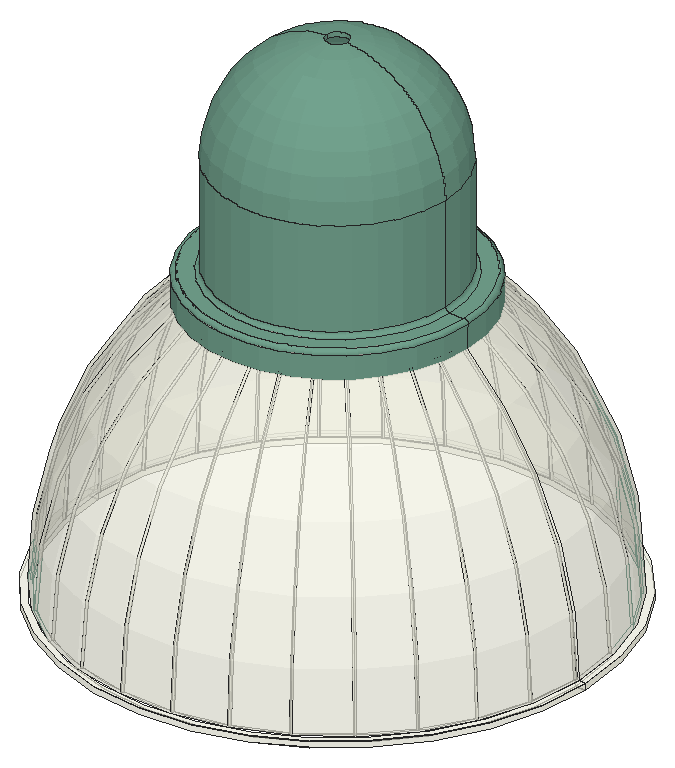
Revit family "PC12", category Lighting Fixtures, Revit 2024
Family settings
  Round Connector Dimension = Use Diameter
  Part Type = Normal
  OmniClass Number = 23.80.70.00
  OmniClass Title = Lighting
  Work Plane-Based = No
  Always vertical = Yes
  Cut with Voids When Loaded = No
  Light Source = No
  Maintain Annotation Orientation = No
  Shared = No
  Room Calculation Point = No
Parameters
  Default Elevation = 0' - 0"
Reference planes (in)
  plane 1 "Light Source Axis (F/B)": y = 0
  plane 2: z = 0
  plane 3 "Light Source Axis (L/R)": x = 0
  plane 4 "Light Source Elevation": z = 54
Forms (in)
  Sweep 1, solid, material "GLASS SHADE", not visible
    path origin (75.968, 0, 0.00093) x (1, 0, 0) y (0, 0, 1)
      loop
        arc (-4.5864, 68.3252) -> (-8.91952, 61.72019) -> (-10.59309, 54) r 21.63816
    profile origin (67.04848, 0, 61.72112) x (0.922209, 0, -0.386691) y (0, -1, 0)
      loop
        circle (0, 0) r 0.03125
  Revolve 2, solid, material "52"
    sketch origin (0, 0, 0) x (1, 0, 0) y (0, 0, 1)
      loop
        arc (2.60625, 63.39375) -> (1.92926, 65.14603) -> (0.25, 65.98798) r 2.60625
        line (0.25, 65.98798) -> (0.25, 65.89378)
        arc (0.25, 65.89378) -> (1.8629, 65.07965) -> (2.5125, 63.39375) r 2.5125
        line (2.5125, 63.39375) -> (2.5125, 61.1)
        arc (2.5125, 61.1) -> (2.56925, 60.963) -> (2.70625, 60.90625) r 0.19375
        line (2.70625, 60.90625) -> (3.0625, 60.90625) -> (3.0625, 60.375) -> (3.15625, 60.375) -> (3.15625, 60.9)
        arc (3.15625, 60.9) -> (3.12696, 60.97071) -> (3.05625, 61) r 0.1
        line (3.05625, 61) -> (2.70625, 61)
        arc (2.70625, 61) -> (2.63554, 61.02929) -> (2.60625, 61.1) r 0.1
        line (2.60625, 61.1) -> (2.60625, 63.39375)
      axis (0, 65.98798) -> (0, 60.375)
    angle from 0 to 360
  Revolve 3, solid, material "GLASS SHADE"
    sketch origin (0, 0, 0) x (1, 0, 0) y (0, 0, 1)
      loop
        arc (5.84487, 54.1486) -> (5.16036, 57.59695) -> (3.08741, 60.43642) r 8.15242
        line (3.08741, 60.43642) -> (3.02099, 60.37)
        arc (3.02099, 60.37) -> (5.07332, 57.56199) -> (5.75114, 54.1506) r 8.05867
        line (5.75114, 54.1506) -> (5.75114, 54) -> (5.99836, 54) -> (5.99836, 54.1486) -> (5.84487, 54.1486)
      axis (0, 60.43642) -> (0, 54)
    angle from 0 to 360
  Sweep 4, solid, material "GLASS SHADE"
    path origin (0, 0, 0) x (1, 0, 0) y (0, 0, 1)
      loop
        arc (-3.02099, 60.37) -> (-5.05646, 57.55459) -> (-5.75114, 54.1506) r 8.24267
    profile origin (-5.05646, 0, 57.55459) x (0.915661, 0, -0.401952) y (0, -1, 0)
      loop
        circle (0, 0) r 0.03125
  Sweep 5, solid, material "GLASS SHADE"
    path origin (0, 0, 0) x (0.978148, -0.207912, 0) y (0, 0, 1)
      loop
        arc (-3.02099, 60.37) -> (-5.05646, 57.55459) -> (-5.75114, 54.1506) r 8.24267
    profile origin (-4.94597, 1.0513, 57.55459) x (0.895651, -0.190377, -0.401952) y (-0.207912, -0.978148, 0)
      loop
        circle (0, 0) r 0.03125
  Sweep 6, solid, material "GLASS SHADE"
    path origin (0, 0, 0) x (0.978148, 0.207912, 0) y (0, 0, 1)
      loop
        arc (-3.02099, 60.37) -> (-5.05646, 57.55459) -> (-5.75114, 54.1506) r 8.24267
    profile origin (-4.94597, -1.0513, 57.55459) x (0.895651, 0.190377, -0.401952) y (0.207912, -0.978148, 0)
      loop
        circle (0, 0) r 0.03125
  Sweep 7, solid, material "GLASS SHADE"
    path origin (0, 0, 0) x (0.913545, 0.406737, 0) y (0, 0, 1)
      loop
        arc (-3.02099, 60.37) -> (-5.05646, 57.55459) -> (-5.75114, 54.1506) r 8.24267
    profile origin (-4.61931, -2.05665, 57.55459) x (0.836498, 0.372433, -0.401952) y (0.406737, -0.913545, 0)
      loop
        circle (0, 0) r 0.03125
  Sweep 8, solid, material "GLASS SHADE"
    path origin (0, 0, 0) x (0.809017, 0.587785, 0) y (0, 0, 1)
      loop
        arc (-3.02099, 60.37) -> (-5.05646, 57.55459) -> (-5.75114, 54.1506) r 8.24267
    profile origin (-4.09077, -2.97212, 57.55459) x (0.740785, 0.538212, -0.401952) y (0.587785, -0.809017, 0)
      loop
        circle (0, 0) r 0.03125
  Sweep 9, solid, material "GLASS SHADE"
    path origin (0, 0, 0) x (0.669131, 0.743145, 0) y (0, 0, 1)
      loop
        arc (-3.02099, 60.37) -> (-5.05646, 57.55459) -> (-5.75114, 54.1506) r 8.24267
    profile origin (-3.38344, -3.75769, 57.55459) x (0.612697, 0.680469, -0.401952) y (0.743145, -0.669131, 0)
      loop
        circle (0, 0) r 0.03125
  Sweep 10, solid, material "GLASS SHADE"
    path origin (0, 0, 0) x (0.5, 0.866025, 0) y (0, 0, 1)
      loop
        arc (-3.02099, 60.37) -> (-5.05646, 57.55459) -> (-5.75114, 54.1506) r 8.24267
    profile origin (-2.52823, -4.37903, 57.55459) x (0.45783, 0.792986, -0.401952) y (0.866025, -0.5, 0)
      loop
        circle (0, 0) r 0.03125
  Sweep 11, solid, material "GLASS SHADE"
    path origin (0, 0, 0) x (0.309017, 0.951057, 0) y (0, 0, 1)
      loop
        arc (-3.02099, 60.37) -> (-5.05646, 57.55459) -> (-5.75114, 54.1506) r 8.24267
    profile origin (-1.56253, -4.80898, 57.55459) x (0.282955, 0.870845, -0.401952) y (0.951057, -0.309017, 0)
      loop
        circle (0, 0) r 0.03125
  Sweep 12, solid, material "GLASS SHADE"
    path origin (0, 0, 0) x (0.104528, 0.994522, 0) y (0, 0, 1)
      loop
        arc (-3.02099, 60.37) -> (-5.05646, 57.55459) -> (-5.75114, 54.1506) r 8.24267
    profile origin (-0.52854, -5.02876, 57.55459) x (0.095713, 0.910645, -0.401952) y (0.994522, -0.104528, 0)
      loop
        circle (0, 0) r 0.03125
  Sweep 13, solid, material "GLASS SHADE"
    path origin (0, 0, 0) x (-0.104528, 0.994522, 0) y (0, 0, 1)
      loop
        arc (-3.02099, 60.37) -> (-5.05646, 57.55459) -> (-5.75114, 54.1506) r 8.24267
    profile origin (0.52854, -5.02876, 57.55459) x (-0.095713, 0.910645, -0.401952) y (0.994522, 0.104528, 0)
      loop
        circle (0, 0) r 0.03125
  Sweep 14, solid, material "GLASS SHADE"
    path origin (0, 0, 0) x (-0.309017, 0.951057, 0) y (0, 0, 1)
      loop
        arc (-3.02099, 60.37) -> (-5.05646, 57.55459) -> (-5.75114, 54.1506) r 8.24267
    profile origin (1.56253, -4.80898, 57.55459) x (-0.282955, 0.870845, -0.401952) y (0.951057, 0.309017, 0)
      loop
        circle (0, 0) r 0.03125
  Sweep 15, solid, material "GLASS SHADE"
    path origin (0, 0, 0) x (-0.5, 0.866025, 0) y (0, 0, 1)
      loop
        arc (-3.02099, 60.37) -> (-5.05646, 57.55459) -> (-5.75114, 54.1506) r 8.24267
    profile origin (2.52823, -4.37903, 57.55459) x (-0.45783, 0.792986, -0.401952) y (0.866025, 0.5, 0)
      loop
        circle (0, 0) r 0.03125
  Sweep 16, solid, material "GLASS SHADE"
    path origin (0, 0, 0) x (-0.669131, 0.743145, 0) y (0, 0, 1)
      loop
        arc (-3.02099, 60.37) -> (-5.05646, 57.55459) -> (-5.75114, 54.1506) r 8.24267
    profile origin (3.38344, -3.75769, 57.55459) x (-0.612697, 0.680469, -0.401952) y (0.743145, 0.669131, 0)
      loop
        circle (0, 0) r 0.03125
  Sweep 17, solid, material "GLASS SHADE"
    path origin (0, 0, 0) x (-0.809017, 0.587785, 0) y (0, 0, 1)
      loop
        arc (-3.02099, 60.37) -> (-5.05646, 57.55459) -> (-5.75114, 54.1506) r 8.24267
    profile origin (4.09077, -2.97212, 57.55459) x (-0.740785, 0.538212, -0.401952) y (0.587785, 0.809017, 0)
      loop
        circle (0, 0) r 0.03125
  Sweep 18, solid, material "GLASS SHADE"
    path origin (0, 0, 0) x (-0.913545, 0.406737, 0) y (0, 0, 1)
      loop
        arc (-3.02099, 60.37) -> (-5.05646, 57.55459) -> (-5.75114, 54.1506) r 8.24267
    profile origin (4.61931, -2.05665, 57.55459) x (-0.836498, 0.372433, -0.401952) y (0.406737, 0.913545, 0)
      loop
        circle (0, 0) r 0.03125
  Sweep 19, solid, material "GLASS SHADE"
    path origin (0, 0, 0) x (-0.978148, 0.207912, 0) y (0, 0, 1)
      loop
        arc (-3.02099, 60.37) -> (-5.05646, 57.55459) -> (-5.75114, 54.1506) r 8.24267
    profile origin (4.94597, -1.0513, 57.55459) x (-0.895651, 0.190377, -0.401952) y (0.207912, 0.978148, 0)
      loop
        circle (0, 0) r 0.03125
  Sweep 20, solid, material "GLASS SHADE"
    path origin (0, 0, 0) x (-1, 0, 0) y (0, 0, 1)
      loop
        arc (-3.02099, 60.37) -> (-5.05646, 57.55459) -> (-5.75114, 54.1506) r 8.24267
    profile origin (5.05646, 0, 57.55459) x (-0.915661, 0, -0.401952) y (0, 1, 0)
      loop
        circle (0, 0) r 0.03125
  Sweep 21, solid, material "GLASS SHADE"
    path origin (0, 0, 0) x (-0.978148, -0.207912, 0) y (0, 0, 1)
      loop
        arc (-3.02099, 60.37) -> (-5.05646, 57.55459) -> (-5.75114, 54.1506) r 8.24267
    profile origin (4.94597, 1.0513, 57.55459) x (-0.895651, -0.190377, -0.401952) y (-0.207912, 0.978148, 0)
      loop
        circle (0, 0) r 0.03125
  Sweep 22, solid, material "GLASS SHADE"
    path origin (0, 0, 0) x (-0.913545, -0.406737, 0) y (0, 0, 1)
      loop
        arc (-3.02099, 60.37) -> (-5.05646, 57.55459) -> (-5.75114, 54.1506) r 8.24267
    profile origin (4.61931, 2.05665, 57.55459) x (-0.836498, -0.372433, -0.401952) y (-0.406737, 0.913545, 0)
      loop
        circle (0, 0) r 0.03125
  Sweep 23, solid, material "GLASS SHADE"
    path origin (0, 0, 0) x (-0.809017, -0.587785, 0) y (0, 0, 1)
      loop
        arc (-3.02099, 60.37) -> (-5.05646, 57.55459) -> (-5.75114, 54.1506) r 8.24267
    profile origin (4.09077, 2.97212, 57.55459) x (-0.740785, -0.538212, -0.401952) y (-0.587785, 0.809017, 0)
      loop
        circle (0, 0) r 0.03125
  Sweep 24, solid, material "GLASS SHADE"
    path origin (0, 0, 0) x (-0.669131, -0.743145, 0) y (0, 0, 1)
      loop
        arc (-3.02099, 60.37) -> (-5.05646, 57.55459) -> (-5.75114, 54.1506) r 8.24267
    profile origin (3.38344, 3.75769, 57.55459) x (-0.612697, -0.680469, -0.401952) y (-0.743145, 0.669131, 0)
      loop
        circle (0, 0) r 0.03125
  Sweep 25, solid, material "GLASS SHADE"
    path origin (0, 0, 0) x (-0.5, -0.866025, 0) y (0, 0, 1)
      loop
        arc (-3.02099, 60.37) -> (-5.05646, 57.55459) -> (-5.75114, 54.1506) r 8.24267
    profile origin (2.52823, 4.37903, 57.55459) x (-0.45783, -0.792986, -0.401952) y (-0.866025, 0.5, 0)
      loop
        circle (0, 0) r 0.03125
  Sweep 26, solid, material "GLASS SHADE"
    path origin (0, 0, 0) x (-0.309017, -0.951057, 0) y (0, 0, 1)
      loop
        arc (-3.02099, 60.37) -> (-5.05646, 57.55459) -> (-5.75114, 54.1506) r 8.24267
    profile origin (1.56253, 4.80898, 57.55459) x (-0.282955, -0.870845, -0.401952) y (-0.951057, 0.309017, 0)
      loop
        circle (0, 0) r 0.03125
  Sweep 27, solid, material "GLASS SHADE"
    path origin (0, 0, 0) x (-0.104528, -0.994522, 0) y (0, 0, 1)
      loop
        arc (-3.02099, 60.37) -> (-5.05646, 57.55459) -> (-5.75114, 54.1506) r 8.24267
    profile origin (0.52854, 5.02876, 57.55459) x (-0.095713, -0.910645, -0.401952) y (-0.994522, 0.104528, 0)
      loop
        circle (0, 0) r 0.03125
  Sweep 28, solid, material "GLASS SHADE"
    path origin (0, 0, 0) x (0.104528, -0.994522, 0) y (0, 0, 1)
      loop
        arc (-3.02099, 60.37) -> (-5.05646, 57.55459) -> (-5.75114, 54.1506) r 8.24267
    profile origin (-0.52854, 5.02876, 57.55459) x (0.095713, -0.910645, -0.401952) y (-0.994522, -0.104528, 0)
      loop
        circle (0, 0) r 0.03125
  Sweep 29, solid, material "GLASS SHADE"
    path origin (0, 0, 0) x (0.309017, -0.951057, 0) y (0, 0, 1)
      loop
        arc (-3.02099, 60.37) -> (-5.05646, 57.55459) -> (-5.75114, 54.1506) r 8.24267
    profile origin (-1.56253, 4.80898, 57.55459) x (0.282955, -0.870845, -0.401952) y (-0.951057, -0.309017, 0)
      loop
        circle (0, 0) r 0.03125
  Sweep 30, solid, material "GLASS SHADE"
    path origin (0, 0, 0) x (0.5, -0.866025, 0) y (0, 0, 1)
      loop
        arc (-3.02099, 60.37) -> (-5.05646, 57.55459) -> (-5.75114, 54.1506) r 8.24267
    profile origin (-2.52823, 4.37903, 57.55459) x (0.45783, -0.792986, -0.401952) y (-0.866025, -0.5, 0)
      loop
        circle (0, 0) r 0.03125
  Sweep 31, solid, material "GLASS SHADE"
    path origin (0, 0, 0) x (0.669131, -0.743145, 0) y (0, 0, 1)
      loop
        arc (-3.02099, 60.37) -> (-5.05646, 57.55459) -> (-5.75114, 54.1506) r 8.24267
    profile origin (-3.38344, 3.75769, 57.55459) x (0.612697, -0.680469, -0.401952) y (-0.743145, -0.669131, 0)
      loop
        circle (0, 0) r 0.03125
  Sweep 32, solid, material "GLASS SHADE"
    path origin (0, 0, 0) x (0.809017, -0.587785, 0) y (0, 0, 1)
      loop
        arc (-3.02099, 60.37) -> (-5.05646, 57.55459) -> (-5.75114, 54.1506) r 8.24267
    profile origin (-4.09077, 2.97212, 57.55459) x (0.740785, -0.538212, -0.401952) y (-0.587785, -0.809017, 0)
      loop
        circle (0, 0) r 0.03125
  Sweep 33, solid, material "GLASS SHADE"
    path origin (0, 0, 0) x (0.913545, -0.406737, 0) y (0, 0, 1)
      loop
        arc (-3.02099, 60.37) -> (-5.05646, 57.55459) -> (-5.75114, 54.1506) r 8.24267
    profile origin (-4.61931, 2.05665, 57.55459) x (0.836498, -0.372433, -0.401952) y (-0.406737, -0.913545, 0)
      loop
        circle (0, 0) r 0.03125
Dimensions and locks (in)
  aligned and locked: level to plane 2
